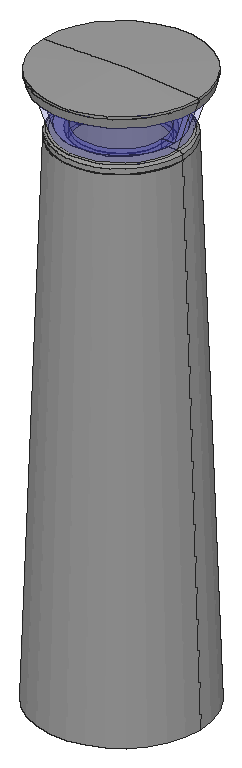
Revit family "77792_HOST_FACE", category Lighting Fixtures, host Face, Revit 2019
Family settings
  Host = Face
  Round Connector Dimension = Use Diameter
  Part Type = Normal
  Cut with Voids When Loaded = Yes
  Light Source = Yes
  Shared = No
  Room Calculation Point = No
Parameters (values of type "Bollards")
  Wattage = 10.8993 W
  built-in parameter 1150110 = 1 (stored number, unit not read)
  URL = "www.bega-us.com"
  built-in parameter 1114217 = 1 (stored number, unit not read)
  Tilt Angle = 0.00°
  built-in parameter 1150109 = 1 (stored number, unit not read)
  built-in parameter 1150134 = (empty or 0)
  Telephone = "805.684.0533"
  built-in parameter 1150113 = 1 (stored number, unit not read)
  Photometric Web File = "77792.ies"
  Model = "33 508"
  Manufacturer = "BEGA-US"
  built-in parameter 1150105 = 128.84 (stored number, unit not read)
  Lumens = 1619 lm
  built-in parameter 1150115 = 1 (stored number, unit not read)
  built-in parameter 1150137 = (empty or 0)
  built-in parameter 1150139 = (empty or 0)
  built-in parameter 1150112 = 1 (stored number, unit not read)
  built-in parameter 1150114 = 1 (stored number, unit not read)
  Lamp = "20.6W LED"
  built-in parameter 1150132 = 2
  built-in parameter 1150102 = (empty or 0)
  built-in parameter 1150107 = 3000 (stored number, unit not read)
  built-in parameter 1150138 = (empty or 0)
  built-in parameter 1150106 = 1.2884 (stored number, unit not read)
  built-in parameter 1150104 = 13.8 (stored number, unit not read)
  Dimming Lamp Color Temperature Shift = <None>
  Description = "LED ceiling and wall luminaires - impact resistant"
  Default Elevation = 0' - 0"
  Color Filter = 16777215
  built-in parameter 1114218 = 1 (stored number, unit not read)
  built-in parameter 1150133 = 10 (stored number, unit not read)
Types (27): name | Wattage | Tilt Angle | built-in parameter 1150134 | Photometric Web File | Model | built-in parameter 1150105 | Lumens | Lamp | built-in parameter 1150107 | built-in parameter 1150106 | Description | Default Elevation
  (no name) | 10.8993 W | 0.00° | (empty or 0) | "77792.ies" | "33 508" | 128.84 (stored number, unit not read) | 1619 lm | "20.6W LED" | 3000 (stored number, unit not read) | 1.2884 (stored number, unit not read) | "LED ceiling and wall luminaires - impact resistant" | 0' - 0"
  Wall Luminaires - Directed Light | 18.4392 W | 90.00° | (empty or 0) | "generic" | "2260LED" | 217.96 (stored number, unit not read) | 2739 lm | "44.6W LED" | 3000 (stored number, unit not read) | 2.1796 (stored number, unit not read) | "Surface wall with cutoff optics" | 6' - 0"
  Wall Luminaires - Linear | 9.92985 W | 90.00° | 9 | "generic" | "4425P" | 117.38 (stored number, unit not read) | 1475 lm | "(1) 39W CF twin-4-p" | 3450 (stored number, unit not read) | 1.1738 (stored number, unit not read) | "Suface wall - linear with white acrylic diffuser" | 6' - 0"
  Ceiling and Wall Luminaires - Unshielded | 2.66591 W | 0.00° | (empty or 0) | "33508.ies" | "33 508" | 31.513 (stored number, unit not read) | 396 lm | "W LED" | 3000 (stored number, unit not read) | 0.31513 (stored number, unit not read) | "LED ceiling and wall luminaires - impact resistant" | 0' - 0"
  Recessed Luminaires - Round | 2.66591 W | 0.00° | (empty or 0) | "33508.ies" | "33 508" | 31.513 (stored number, unit not read) | 396 lm | "W LED" | 3000 (stored number, unit not read) | 0.31513 (stored number, unit not read) | "LED ceiling and wall luminaires - impact resistant" | 0' - 0"
  Recessed Luminaires - Square | 0.0067321 W | 0.00° | (empty or 0) | "88754.IES" | 0' - 0" | 0.079577 (stored number, unit not read) | 1 lm | "W LED" | 3000 (stored number, unit not read) | 0.00079577 (stored number, unit not read) | 0' - 0" | 0' - 0"
  Recessed Luminaires - Retangular | 2.66591 W | 0.00° | (empty or 0) | "33508.ies" | "33 508" | 31.513 (stored number, unit not read) | 396 lm | "W LED" | 3000 (stored number, unit not read) | 0.31513 (stored number, unit not read) | "LED ceiling and wall luminaires - impact resistant" | 0' - 0"
  Recessed Luminaires - Elongated | 2.66591 W | 0.00° | (empty or 0) | "33508.ies" | "33 508" | 31.513 (stored number, unit not read) | 396 lm | "W LED" | 3000 (stored number, unit not read) | 0.31513 (stored number, unit not read) | "LED ceiling and wall luminaires - impact resistant" | 0' - 0"
  Recessed Ceiling Luminaires - Downlights | 2.66591 W | 0.00° | (empty or 0) | "33508.ies" | "33 508" | 31.513 (stored number, unit not read) | 396 lm | "W LED" | 3000 (stored number, unit not read) | 0.31513 (stored number, unit not read) | "LED ceiling and wall luminaires - impact resistant" | 0' - 0"
  Recessed Ceiling Luminaires - Asymmetric | 2.66591 W | 0.00° | (empty or 0) | "33508.ies" | "33 508" | 31.513 (stored number, unit not read) | 396 lm | "W LED" | 3000 (stored number, unit not read) | 0.31513 (stored number, unit not read) | "LED ceiling and wall luminaires - impact resistant" | 0' - 0"
  Pendant and Cable Suspended Luminaires - Shielded | 2.66591 W | 0.00° | (empty or 0) | "33508.ies" | "33 508" | 31.513 (stored number, unit not read) | 396 lm | "W LED" | 3000 (stored number, unit not read) | 0.31513 (stored number, unit not read) | "LED ceiling and wall luminaires - impact resistant" | 0' - 0"
  Pendant and Cable Suspended Luminaires - Directed | 2.66591 W | 0.00° | (empty or 0) | "33508.ies" | "33 508" | 31.513 (stored number, unit not read) | 396 lm | "W LED" | 3000 (stored number, unit not read) | 0.31513 (stored number, unit not read) | "LED ceiling and wall luminaires - impact resistant" | 0' - 0"
  Ceiling Luminaires - Downlights | 2.66591 W | 0.00° | (empty or 0) | "33508.ies" | "33 508" | 31.513 (stored number, unit not read) | 396 lm | "W LED" | 3000 (stored number, unit not read) | 0.31513 (stored number, unit not read) | "LED ceiling and wall luminaires - impact resistant" | 0' - 0"
  Ceiling Luminaires - Asymmetric | 2.66591 W | 0.00° | (empty or 0) | "33508.ies" | "33 508" | 31.513 (stored number, unit not read) | 396 lm | "W LED" | 3000 (stored number, unit not read) | 0.31513 (stored number, unit not read) | "LED ceiling and wall luminaires - impact resistant" | 0' - 0"
  Ceiling and Wall Luminaires - Stainless Steel | 2.66591 W | 0.00° | (empty or 0) | "33508.ies" | "33 508" | 31.513 (stored number, unit not read) | 396 lm | "W LED" | 3000 (stored number, unit not read) | 0.31513 (stored number, unit not read) | "LED ceiling and wall luminaires - impact resistant" | 0' - 0"
  Wall Luminaires - Stainless Steel | 2.66591 W | 0.00° | (empty or 0) | "33508.ies" | "33 508" | 31.513 (stored number, unit not read) | 396 lm | "W LED" | 3000 (stored number, unit not read) | 0.31513 (stored number, unit not read) | "LED ceiling and wall luminaires - impact resistant" | 0' - 0"
  Wall Luminaires - Unshielded Light | 2.66591 W | 0.00° | (empty or 0) | "33508.ies" | "33 508" | 31.513 (stored number, unit not read) | 396 lm | "W LED" | 3000 (stored number, unit not read) | 0.31513 (stored number, unit not read) | "LED ceiling and wall luminaires - impact resistant" | 0' - 0"
  Wall Luminaires - Shielded Light | 2.66591 W | 0.00° | (empty or 0) | "33508.ies" | "33 508" | 31.513 (stored number, unit not read) | 396 lm | "W LED" | 3000 (stored number, unit not read) | 0.31513 (stored number, unit not read) | "LED ceiling and wall luminaires - impact resistant" | 0' - 0"
  On-Ground Luminaires | 2.66591 W | 0.00° | (empty or 0) | "33508.ies" | "33 508" | 31.513 (stored number, unit not read) | 396 lm | "W LED" | 3000 (stored number, unit not read) | 0.31513 (stored number, unit not read) | "LED ceiling and wall luminaires - impact resistant" | 0' - 0"
  Light Design Elements | 2.66591 W | 0.00° | (empty or 0) | "33508.ies" | "33 508" | 31.513 (stored number, unit not read) | 396 lm | "W LED" | 3000 (stored number, unit not read) | 0.31513 (stored number, unit not read) | "LED ceiling and wall luminaires - impact resistant" | 0' - 0"
  LED System Bollard | 2.66591 W | 0.00° | (empty or 0) | "33508.ies" | "33 508" | 31.513 (stored number, unit not read) | 396 lm | "W LED" | 3000 (stored number, unit not read) | 0.31513 (stored number, unit not read) | "LED ceiling and wall luminaires - impact resistant" | 0' - 0"
  Bollards | 10.8993 W | 0.00° | (empty or 0) | "77792.ies" | "33 508" | 128.84 (stored number, unit not read) | 1619 lm | "20.6W LED" | 3000 (stored number, unit not read) | 1.2884 (stored number, unit not read) | "LED ceiling and wall luminaires - impact resistant" | 0' - 0"
  Bollards - Stainless Steel | 2.66591 W | 0.00° | (empty or 0) | "33508.ies" | "33 508" | 31.513 (stored number, unit not read) | 396 lm | "W LED" | 3000 (stored number, unit not read) | 0.31513 (stored number, unit not read) | "LED ceiling and wall luminaires - impact resistant" | 0' - 0"
  Light Building Elements | 2.66591 W | 0.00° | (empty or 0) | "33508.ies" | "33 508" | 31.513 (stored number, unit not read) | 396 lm | "W LED" | 3000 (stored number, unit not read) | 0.31513 (stored number, unit not read) | "LED ceiling and wall luminaires - impact resistant" | 0' - 0"
  Pole-top Luminaires - with asymmetrical light distribution | 2.66591 W | 0.00° | (empty or 0) | "33508.ies" | "33 508" | 31.513 (stored number, unit not read) | 396 lm | "W LED" | 3000 (stored number, unit not read) | 0.31513 (stored number, unit not read) | "LED ceiling and wall luminaires - impact resistant" | 0' - 0"
  Pole-top Luminaires - with symmetrical light distribution | 2.66591 W | 0.00° | (empty or 0) | "33508.ies" | "33 508" | 31.513 (stored number, unit not read) | 396 lm | "W LED" | 3000 (stored number, unit not read) | 0.31513 (stored number, unit not read) | "LED ceiling and wall luminaires - impact resistant" | 0' - 0"
  Pole-top Luminaires - with indirect light | 2.66591 W | 0.00° | (empty or 0) | "88754.IES" | "33 508" | 31.513 (stored number, unit not read) | 396 lm | "W LED" | 3000 (stored number, unit not read) | 0.31513 (stored number, unit not read) | "LED ceiling and wall luminaires - impact resistant" | 0' - 0"
Reference planes (in)
  plane 1 "Center (Front/Back)": y = 0
  plane 2: z = 0
  plane 3 "Center (Left/Right)": x = 0
Dimensions and locks (in)
  aligned and locked: plane 2 to host face
  aligned and locked: level to host face
Nested families (in)
  nested 1: "77792" at (0, 0, 0), type "77792"
Connectors (in)
  electrical at (0, 0, 0)
    settings: on host face, index 1, voltage 0 V, apparent load 0 VA, apparent load phase1 0 VA, apparent load phase2 0 VA, apparent load phase3 0 VA, power factor 1, load classification "Other", number of poles 1, system type 31, power factor state 1, is connector primary yes, connector utility no, sub classification motor no, connector description ""
Definition of nested family "77792"
  Reference planes (in)
    plane 1 "Center (Front/Back)": y = 0
    plane 2: z = 0
    plane 3 "Center (Left/Right)": x = 0
  Forms (in)
    Revolve 1, solid
      sketch origin (0, 0, 0) x (1, 0, 0) y (0, 0, 1)
        loop
          line (0, 0) -> (4.125, 0) -> (4.125, 0.125) -> (4.375, 0.125) -> (3.375, 27.875) -> (3.3125, 27.875) -> (3.3125, 27.9375) -> (3.0625, 27.9375) -> (3.0625, 27.625) -> (3.13385, 27.625) -> (4.12033, 0.25) -> (0, 0.25) -> (0, 0)
        axis (0, 27.9375) -> (0, 0)
      angle from 0 to 360
    Revolve 2, solid
      sketch origin (0, 0, 0) x (1, 0, 0) y (0, 0, 1)
        loop
          line (3.375, 27.9375) -> (3.375, 28.1875) -> (3.25, 28.3125) -> (2.5, 28.3125) -> (2.5, 27.64464) -> (3.0625, 27.625) -> (3.0625, 27.9375) -> (3.375, 27.9375)
        axis (0, 28.3125) -> (0, 27.625)
      angle from 0 to 360
    Revolve 3, solid
      sketch origin (0, 0, 0) x (1, 0, 0) y (0, 0, 1)
        loop
          line (3.875, 30.5625) -> (3.61148, 30.5625) -> (2.94481, 28.5625) -> (2.25, 28.5625) -> (2.25, 28.3125) -> (2.25, 27.625) -> (2.5, 27.625) -> (2.5, 28.3125) -> (3.125, 28.3125) -> (3.875, 30.5625)
        axis (0, 30.5625) -> (0, 27.625)
      angle from 0 to 360
    Revolve 4, solid
      sketch origin (0, 0, 0) x (1, 0, 0) y (0, 0, 1)
        loop
          line (4.25, 31.25) -> (0, 31.375) -> (0, 30.5625) -> (3.61148, 30.5625) -> (4, 30.5625) -> (4.125, 30.625) -> (4.25, 31.125) -> (4.25, 31.25)
        axis (0, 31.375) -> (0, 30.5625)
      angle from 0 to 360
  Dimensions and locks (in)
    aligned and locked: plane 2 to level
